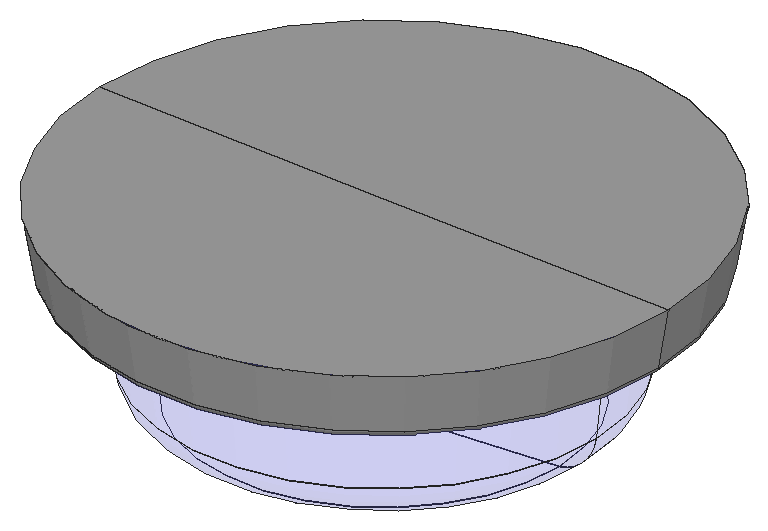
Revit family "Sanga", category Oprawy oświetleniowe, Revit 2012
Parameters (values of type "Sanga")
  built-in parameter 1150105 = 108.23 (stored number, unit not read)
  Dimming Lamp Color Temperature Shift = (empty or 0)
  built-in parameter 1150139 = (empty or 0)
  built-in parameter 1150133 = 10 (stored number, unit not read)
  built-in parameter 1150109 = 1 (stored number, unit not read)
  built-in parameter 1114218 = 1 (stored number, unit not read)
  built-in parameter 1150110 = 1 (stored number, unit not read)
  built-in parameter 1150112 = 1 (stored number, unit not read)
  built-in parameter 1150113 = 1 (stored number, unit not read)
  Lumens = 1360 lm
  Producent = "KANLUX"  # constant formula
  built-in parameter 1150107 = 2800 (stored number, unit not read)
  Plik sieci fotometrycznej = "SANGA_DL-100.ies"
  Opis indeksowy = "08050"
  Tilt Angle = 90.00°
  Apparent Load = 100 VA
  built-in parameter 1150106 = 1.0823 (stored number, unit not read)
  Modelu = "SANGA DL-100"
  Wattage = 100 W
  built-in parameter 1150137 = (empty or 0)
  built-in parameter 1150132 = (empty or 0)
  Materiał klosza = klosz
  Materiał obudowy = obudowa
  built-in parameter 1150138 = (empty or 0)
  built-in parameter 1150134 = 4
  built-in parameter 1150102 = (empty or 0)
  Color Filter = 16777215
  Emituj ze średnicy okręgu = 175 mm
  Emit Shape Visible in Rendering = no
  built-in parameter 1150104 = 1.2635 (stored number, unit not read)
  Default Elevation = 0 mm
  built-in parameter 1150115 = 1 (stored number, unit not read)
  built-in parameter 1150114 = 1 (stored number, unit not read)
  built-in parameter 1114217 = 1 (stored number, unit not read)
  built-in parameter 1150142 = "IESNA91\r\n[TEST] 971C9062-49B0-441E-A899-5E950DDEE675\r\n[MANUFAC]  KANLUX S.A.\r\n[LUMCAT] (kat 8050)\r\n[LUMINAIRE] SANGA DL-100\r\n[LAMP] 1x(A60 100W/c 100W 1360lm ciepłobiała/2800K) or 1x(QA60 70W/c 70W 1200lm ciepłobiała/2800K)\r\n[_CHANGED] file converted from 'ldt' to 'ies' by IES Viewer 3.1 (C) Andrey Legotin\r\nTILT=NONE\r\n1 1360 1.36 37 13 1 2 0 -0.175 0.065\r\n1 1 100\r\n0 5 10 15 20 25 30 35 40 45 50 55 60 65 70 75 80 85 90 95 \r\n100 105 110 115 120 125 130 135 140 145 150 155 160 165 170 \r\n175 180 \r\n0 15 30 45 60 75 90 105 120 135 150 165 180 \r\n236 246 246 246 218 182 164 161 146 155 141 130 126 116 111 \r\n96 93 88 77 53 16 2 1 1 0 0 0 0 0 0 0 0 0 0 0 0 0 \r\n236 244.8 248.9 247.7 224.3 196.5 164.2 158.3 144.7 153.3 \r\n138.8 129.2 123.8 109.6 100.1 92.2 92.9 86.6 73.6 52.5 17.8 \r\n2.3 1 1 0 0 0 0 0 0 0 0 0 0 0 0 0 \r\n236 243 253 251 233 215 167 156 146 151 137 130 123 103 89 \r\n88 92 84 70 52 20 3 1 1 0 0 0 0 0 0 0 0 0 0 0 0 0 \r\n236 242.1 255.6 256.1 238.4 221.6 176.3 159.4 156.4 150.8 \r\n140.3 136.9 129.9 106.9 95.3 89.8 90.8 81.9 71.4 52.7 21 \r\n4.1 1 1 0.4 0 0 0 0 0 0 0 0 0 0 0 0 \r\n236 242 255 259 237 214 185 164 167 150 144 143 137 115 109 \r\n93 87 79 75 53 20 5 1 1 1 0 0 0 0 0 0 0 0 0 0 0 0 \r\n236 241.3 248.7 249.8 221 193.4 172.1 154.8 152.4 138.9 \r\n132.3 128.2 121.9 105.9 95 81.6 73.3 69.5 70.1 48 16 4 1 1 \r\n1.2 0 0 0 0 0 0 0 0 0 0 0 0 \r\n236 240 240 235 203 174 150 139 124 124 114 104 96 87 64 63 \r\n57 59 61 41 11 2 1 1 1 0 0 0 0 0 0 0 0 0 0 0 0 \r\n236 238.4 237.2 236.3 217.2 187.3 160.2 141.8 123 125.7 \r\n118.7 109 99.1 88.8 61 63.4 59.3 64.1 65 43.6 10 1.7 1.4 \r\n1.4 0.9 0 0 0 0 0 0 0 0 0 0 0 0 \r\n236 237 239 248 250 221 194 160 145 140 140 135 124 107 83 \r\n79 74 78 77 51 12 3 2 2 1 0 0 0 0 0 0 0 0 0 0 0 0 \r\n236 236.6 237.3 244.4 251.4 231.4 209.4 174.2 157.4 147.7 \r\n146.9 141.2 131.7 114.8 97.1 86.8 76.1 76.2 76.2 46.1 11.8 \r\n3.5 2.2 2.2 1 0 0 0 0 0 0 0 0 0 0 0 0 \r\n236 237 232 227 224 216 200 175 152 142 135 125 119 108 95 \r\n81 63 58 60 30 9 3 2 2 1 0 0 0 0 0 0 0 0 0 0 0 0 \r\n236 237.2 227.2 213.3 202.1 193.9 174.5 150.2 128.1 116.2 \r\n110.1 104.2 101.5 92.6 76.9 60.8 41.9 33.6 31.5 13.4 5.4 \r\n2.4 1.9 1.9 1 0 0 0 0 0 0 0 0 0 0 0 0 \r\n236 237 225 209 196 179 151 119 103 88 88 91 90 79 57 40 25 \r\n16 7 4 3 2 2 2 1 0 0 0 0 0 0 0 0 0 0 0 0 \r\n"
Reference planes
  plane 1 "Środek (Przód/Tył)": y = 0
  plane 2: z = 0
  plane 3 "Środek (Lewa/Prawa)": x = 0
  plane 4: z = 0
  plane 5: z = -40
  plane 6: z = -28
Forms (mm)
  Extrusion 1, solid, not visible
    sketch origin (0, 0, 0) x (1, 0, 0) y (0, 1, 0)
      loop
        line (-1219.2, 1219.2) -> (-1219.2, -1219.2) -> (1219.2, -1219.2) -> (1219.2, 1219.2) -> (-1219.2, 1219.2)
    from 0 to 304.8
  Revolve 2, solid, material "klosz" <- "Materiał klosza"
    sketch origin (0, 0, 0) x (1, 0, 0) y (0, 0, 1)
      loop
        line (0, -28) -> (-102.5, -28) -> (-97.933, -65.198)
        arc (-97.933, -65.198) -> (-92.38, -76.745) -> (-80.958, -82.553) r 20
        arc (-80.958, -82.553) -> (-40.585, -86.94) -> (0, -88.405) r 562.912
        line (0, -88.405) -> (0, -28)
      axis (0, -28) -> (0, -88.405)
    angle from 0 to 360
  Revolve 3, solid, material "obudowa" <- "Materiał obudowy"
    sketch origin (0, 0, -140) x (1, 0, 0) y (0, 0, 1)
      loop
        line (0, 140) -> (-131.429, 140) -> (-126.91, 114.695)
        arc (-126.91, 114.695) -> (-125.79, 112.763) -> (-123.691, 112) r 3.27
        line (-123.691, 112) -> (0, 112) -> (0, 140)
      axis (0, 112) -> (0, 140)
    angle from 0 to 360
Dimensions and locks
  locked: plane 4 to plane 5 at 40
  locked: level to plane 4 at 0
  locked: plane 4 to plane 6 at 28
  aligned and locked: plane 2 to Extrusion 1
  aligned and locked: level to Extrusion 1
  aligned and locked: imposter light to plane 5
  aligned and locked: Revolve 2 sketch curve to plane 3 "Środek (Lewa/Prawa)"
  aligned and locked: plane 4 to Revolve 3 sketch curve
  aligned and locked: plane 6 to Revolve 3 sketch curve
Connectors
  electrical at (0, 0, 0), driven by "Apparent Load"
    settings: on plane 4, index 1, voltage 230 V, apparent load 0 VA, apparent load phase1 100 VA, apparent load phase2 0 VA, apparent load phase3 0 VA, power factor 0.9, load classification "Inne", number of poles 1, system type 31, power factor state 1, is connector primary yes, connector utility no, sub classification motor no, connector description ""
